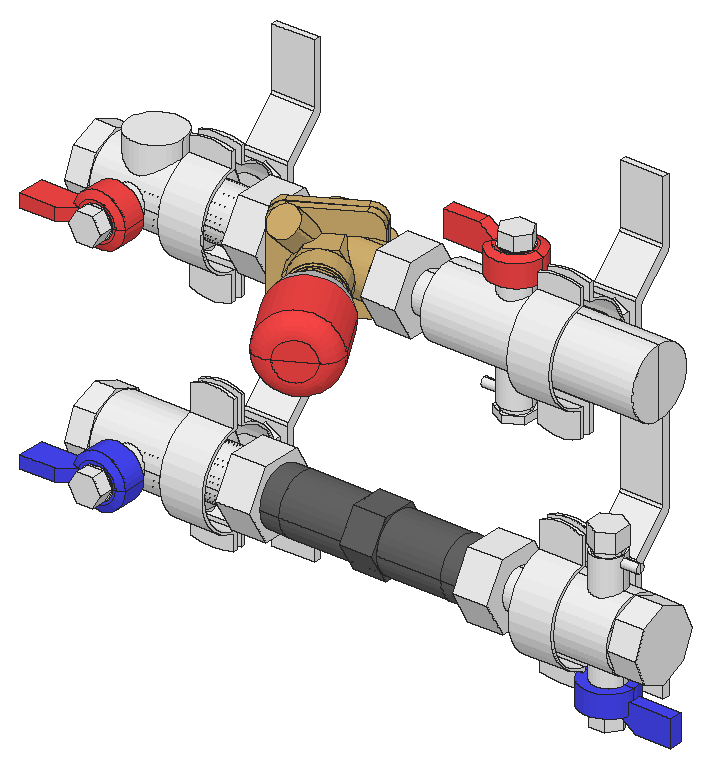
Revit family "AB-PM_DN15-20_Rack Set_RFA_1", category Pipe Accessories, Revit 2019 (continued)
Definition of nested family "Valve_R_T_Start"
  Definition of nested family "Valve_Handle_R_B_End"
    Forms (mm)
      Extrusion 5, solid, material <- "Material", visible <- "20_350", detail levels fine
        sketch origin (0, 0, 0) x (1, 0, 0) y (0, 0, 1)
          loop
            line (0, 4.5) -> (31.819, 4.5) -> (31.819, 17) -> (15.397, 17) -> (8.197, 12.2) -> (0, 12.2) -> (0, 4.5)
        from -3 to 3
      Extrusion 6, solid, material <- "Material", visible <- "15_350", detail levels fine
        sketch origin (0, 0, 0) x (1, 0, 0) y (0, 0, 1)
          loop
            line (-31.976, 4.5) -> (0, 4.5) -> (0, 12.2) -> (-8.385, 12.2) -> (-15.566, 16.987) -> (-31.976, 16.987) -> (-31.976, 4.5)
        from -3 to 3
    Dimensions and locks
      "l1": plane 3 "Center (Left/Right)" to Revolve 1 sketch curve
      "h1": Revolve 1 sketch curve to level
      "l1": plane 3 "Center (Left/Right)" to Revolve 2 sketch curve
      "h1": Revolve 2 sketch curve to level
      aligned and locked: level to plane 2
      aligned and locked: plane 3 "Center (Left/Right)" to Revolve 1 sketch curve
      aligned and locked: Revolve 1 sketch curve to plane 3 "Center (Left/Right)"
      aligned and locked: Revolve 1 sketch curve to level
    Automatic sketch dimensions
      level to Extrusion 6 sketch curve = 12.2 mm
      Extrusion 6 sketch curve to plane 3 "Center (Left/Right)" = 0 mm
      Extrusion 6 sketch curve to plane 3 "Center (Left/Right)" = 8.385 mm
      Extrusion 6 sketch curve to Extrusion 6 sketch curve = 7.181 mm
      level to Extrusion 6 sketch curve = 4.5 mm
      Extrusion 6 sketch curve to Extrusion 6 sketch curve = 16.41 mm
      Extrusion 6 sketch curve to Extrusion 6 sketch curve = 4.787 mm
      Extrusion 4 sketch curve to plane 3 "Center (Left/Right)" = 0 mm
      level to Extrusion 4 sketch curve = 4.5 mm
      Extrusion 4 sketch curve to Extrusion 4 sketch curve = 7.7 mm
      Extrusion 4 sketch curve to plane 3 "Center (Left/Right)" = 12.877 mm
      Extrusion 4 sketch curve to Extrusion 4 sketch curve = 19.099 mm
      Extrusion 4 sketch curve to Extrusion 4 sketch curve = 12.487 mm
      Extrusion 5 sketch curve to plane 3 "Center (Left/Right)" = 0 mm
      Extrusion 5 sketch curve to Extrusion 5 sketch curve = 7.7 mm
      plane 3 "Center (Left/Right)" to Extrusion 5 sketch curve = 8.197 mm
      Extrusion 5 sketch curve to Extrusion 5 sketch curve = 7.2 mm
      Extrusion 5 sketch curve to Extrusion 5 sketch curve = 16.422 mm
      level to Extrusion 5 sketch curve = 4.5 mm
      Extrusion 5 sketch curve to Extrusion 5 sketch curve = 12.5 mm
      plane 3 "Center (Left/Right)" to Extrusion 3 sketch curve = 12.3 mm
      Extrusion 3 sketch curve to Extrusion 3 sketch curve = 19.519 mm
      Extrusion 3 sketch curve to Extrusion 3 sketch curve = 12.5 mm
      level to Extrusion 3 sketch curve = 4.5 mm
      Extrusion 3 sketch curve to plane 3 "Center (Left/Right)" = 0 mm
      Extrusion 3 sketch curve to Extrusion 3 sketch curve = 7.7 mm
      Revolve 1 sketch curve to Revolve 1 sketch curve = 17.8 mm
      Revolve 1 sketch curve to Revolve 1 sketch curve = 4 mm
      Revolve 2 sketch curve to level = 0 mm
      Revolve 2 sketch curve to plane 3 "Center (Left/Right)" = 0 mm  (x2)
      Revolve 2 sketch curve to Revolve 2 sketch curve = 3.339 mm
      Revolve 2 sketch curve to Revolve 2 sketch curve = 1.838 mm
      Revolve 2 sketch curve to Revolve 2 sketch curve = 17.8 mm
      Revolve 2 sketch curve to Revolve 2 sketch curve = 4 mm
  Definition of nested family "Schematic_Valve"
    Parameters (values of type "Schematic_Valve")
      L1 [instance] = 10 mm
      L [instance] = 68 mm
      H [instance] = 40 mm
      D [instance] = 16 mm
    Reference planes
      plane 1 "Center (Front/Back)": y = 0
      plane 2: z = 0
      plane 3 "Center (Left/Right)": x = 0
      plane 4: x = -34
      plane 5: x = 34
      plane 6: y = 20
      plane 7: y = -20
      plane 8: z = 20
      plane 9: z = -20
    Lines and regions (mm)
      reference lines
        curve 1: line (-34, 20, 0) -> (34, -20, 0)
        curve 2: line (34, 20, 0) -> (-34, -20, 0)
        curve 4: line (-34, 0, 20) -> (34, 0, -20)
        curve 5: line (34, 0, 20) -> (-34, 0, -20)
      model lines, detail levels coarse+medium
        curve 3: line (-34, 0, 0) -> (-44, 0, 0)
        curve 6: circle (0, 0, 0) r 8 normal (0, -1, 0)
        curve 7: line (-6.895, 0, -4.056) -> (-34, 0, -20)
        curve 8: line (-34, 0, -20) -> (-34, 0, 20)
        curve 9: line (-34, 0, 20) -> (-6.895, 0, 4.056)
        curve 10: line (6.895, 0, -4.056) -> (34, 0, -20)
        curve 11: line (34, 0, -20) -> (34, 0, 20)
        curve 12: line (34, 0, 20) -> (6.895, 0, 4.056)
      symbolic lines, detail levels coarse+medium
        curve 13: circle (0, 0, 0) r 8 normal (0, 0, 1)
        curve 14: line (-34, -20, 0) -> (-34, 20, 0)
        curve 15: line (-34, 20, 0) -> (-6.895, 4.056, 0)
        curve 16: line (-34, -20, 0) -> (-6.895, -4.056, 0)
        curve 17: line (6.895, 4.056, 0) -> (34, 20, 0)
        curve 18: line (34, 20, 0) -> (34, -20, 0)
        curve 19: line (34, -20, 0) -> (6.895, -4.056, 0)
    Dimensions and locks
      equal spacing: plane 4, plane 3 "Center (Left/Right)", plane 5
      equal spacing: plane 6, plane 1 "Center (Front/Back)", plane 7
      "L": plane 4 to plane 5
      "H": plane 6 to plane 7
      "L1": curve 3 to plane 4
      equal spacing: plane 8, level, plane 9
      "H": plane 8 to plane 9
      "D": diameter of curve 13
      "D": diameter of curve 6
      aligned and locked: level to plane 2
      aligned and locked: plane 4 to curve 1
      aligned and locked: plane 6 to curve 1
      aligned and locked: plane 5 to curve 2
      aligned and locked: plane 6 to curve 2
      aligned and locked: plane 7 to curve 1
      aligned and locked: plane 5 to curve 1
      aligned and locked: plane 4 to curve 2
      aligned and locked: plane 7 to curve 2
      aligned and locked: curve 3 to plane 1 "Center (Front/Back)"
      aligned and locked: plane 8 to curve 4
      aligned and locked: plane 4 to curve 4
      aligned and locked: plane 5 to curve 4
      aligned and locked: plane 9 to curve 4
      aligned and locked: plane 4 to curve 5
      aligned and locked: plane 9 to curve 5
      aligned and locked: plane 5 to curve 5
      aligned and locked: plane 8 to curve 5
      aligned and locked: curve 17 to curve 2
      aligned and locked: curve 19 to curve 1
      aligned and locked: curve 16 to curve 2
      aligned and locked: curve 15 to curve 1
      aligned and locked: curve 9 to curve 4
      aligned and locked: curve 5 to curve 7
      aligned and locked: curve 4 to curve 10
      aligned and locked: curve 12 to curve 5
    Automatic sketch dimensions
      curve 8 to plane 4 = 0 mm
      curve 6 to level = 0 mm
      curve 6 to plane 3 "Center (Left/Right)" = 0 mm
      curve 11 to plane 5 = 0 mm
      curve 3 to plane 4 = 0 mm
      plane 1 "Center (Front/Back)" to curve 13 = 0 mm
      curve 13 to plane 3 "Center (Left/Right)" = 0 mm
      curve 18 to plane 5 = 0 mm
Definition of nested family "Valve_R_B_Start"
  Parameters (values of type "DN_20")
    x = 1.5 mm
    r7 = 9.8 mm
    r6 = 18.5 mm
    r5 = 16.5 mm
    r4 = 12 mm
    r3 = 9 mm
    r2 = 18.5 mm
    r1 = 7.5 mm
    l6 = 5 mm
    l5 = 15 mm
    l4 = 12.2 mm
    l3 = 22.981 mm
    l2 = 16.9 mm
    l1 = 26.1 mm
    Valve_Handle_Type = Valve_Handle_R_B_End : 15
    Tube = yes
    Nar5 = 14.5 mm
    Nah6 = 5 mm
    Nah52 = 16 mm
    Nah4 = 3.5 mm
    Nah3 = 6.8 mm
    Nah2 = 10 mm
    Nah51 = 2.5 mm
    Na6 = 28 mm
    Na5 = 32 mm
    Na4 = 15 mm
    Na3 = 13 mm
    Na2 = 33 mm
    LOD 350 [instance] = not(LOD 200)  # yes
    LOD 200 [instance] = no
    L11 = 29 mm
    L1 = 60 mm
    H1 = 26.4 mm
    Default Elevation = 1219.2 mm
    D1 = 15 mm  # constant formula
    Ball valve handle [instance] = none
    Ball valve [instance] = none
  Types (2, lengths in mm): name | L11
    DN_15 | 27.6
    DN_20 | 29
  Reference planes
    plane 1 "Center (Front/Back)": y = 0
    plane 2: z = 0
    plane 3 "Center (Left/Right)": x = 0
    plane 4 "001": x = 18.5
    plane 5 "004": x = -43
    plane 6 "002": y = -23.982
    plane 7 "valve handle": y = 22.981
    plane 8 "003": y = 35.181
    plane 9 "005": x = -26.1
    plane 10: z = 24
  Forms (mm)
    Revolve 1, solid, material <- "Ball valve", detail levels fine
      sketch origin (0, 0, 0) x (1, 0, 0) y (0, 1, 0)
        loop
          line (-43, 12) -> (-43, 0) -> (18.5, 0) -> (18.5, 16.5) -> (-26.1, 16.5) -> (-26.1, 12) -> (-43, 12)
        axis (-43, 0) -> (18.5, 0)
      angle from 0 to 360
    Revolve 2, solid, material <- "Ball valve", detail levels fine
      sketch origin (0, 0, 0) x (1, 0, 0) y (0, 1, 0)
        loop
          line (0, 0) -> (7.5, 0) -> (7.5, 35.181) -> (0, 35.181) -> (0, 0)
        axis (0, 35.181) -> (0, 0)
      angle from 0 to 360
    Revolve 3, solid, material <- "Ball valve", visible <- "LOD 350", detail levels fine
      sketch origin (0, 0, 0) x (1, 0, 0) y (0, 1, 0)
        loop
          line (18.5, 16.5) -> (-26.1, 16.5) -> (-27.9, 12) -> (-43, 12) -> (-43, 0) -> (18.5, 0) -> (18.5, 16.5)
        axis (18.5, 0) -> (-43, 0)
      angle from 0 to 360
  Cuts and joins
    joined: Revolve 1, Revolve 2
  Dimensions and locks
    "l3": plane 1 "Center (Front/Back)" to plane 7 "valve handle"
    "l4": plane 7 "valve handle" to plane 8 "003"
    "r5": plane 1 "Center (Front/Back)" to Revolve 1 sketch curve
    "r4": plane 1 "Center (Front/Back)" to Revolve 1 sketch curve
    "r2": plane 3 "Center (Left/Right)" to plane 4 "001"
    "l1": plane 9 "005" to plane 3 "Center (Left/Right)"
    "r5": plane 1 "Center (Front/Back)" to Revolve 3 sketch curve
    "r4": Revolve 3 sketch curve to plane 1 "Center (Front/Back)"
    "l2": plane 5 "004" to plane 9 "005"
    "r1": plane 3 "Center (Left/Right)" to Revolve 2 sketch curve
    "x": nested 4 to plane 3 "Center (Left/Right)"
    locked: Revolve 3 sketch curve to plane 9 "005" at 1.8
    plane 6 "002" to plane 1 "Center (Front/Back)" = 23.982 mm
    locked: plane 10 to plane 2 at 24
    aligned and locked: level to plane 2
    aligned and locked: level to nested 1
    aligned and locked: nested 1 to plane 1 "Center (Front/Back)"
    aligned and locked: plane 3 "Center (Left/Right)" to nested 2
    aligned and locked: level to nested 2
    aligned and locked: Revolve 2 sketch curve to plane 3 "Center (Left/Right)"  (x2)
    aligned and locked: Revolve 2 sketch curve to plane 8 "003"
    aligned and locked: Revolve 3 sketch curve to plane 1 "Center (Front/Back)"
    aligned and locked: plane 1 "Center (Front/Back)" to Revolve 3 sketch curve
    aligned and locked: Revolve 3 sketch curve to plane 4 "001"
    aligned and locked: plane 5 "004" to Revolve 3 sketch curve
    aligned and locked: plane 1 "Center (Front/Back)" to nested 4
    aligned and locked: nested 3 to plane 5 "004"
    aligned and locked: plane 9 "005" to Revolve 3 sketch curve
    aligned and locked: plane 3 "Center (Left/Right)" to nested 5
    aligned and locked: nested 5 to plane 7 "valve handle"
    aligned and locked: nested 6 to plane 1 "Center (Front/Back)"
    aligned and locked: plane 1 "Center (Front/Back)" to Revolve 2 sketch curve
    aligned and locked: nested 6 to plane 2
    aligned and locked: nested 3 to plane 1 "Center (Front/Back)"
  Automatic sketch dimensions
    Revolve 1 sketch curve to plane 5 "004" = 0 mm
    Revolve 1 sketch curve to plane 9 "005" = 0 mm
    Revolve 1 sketch curve to plane 4 "001" = 0 mm
    plane 1 "Center (Front/Back)" to Revolve 1 sketch curve = 0 mm  (x2)
    Revolve 1 sketch curve to Revolve 1 sketch curve = 49.8 mm
    Revolve 1 sketch curve to Revolve 1 sketch curve = 7 mm
    Revolve 2 sketch curve to Revolve 2 sketch curve = 33 mm
    Revolve 2 sketch curve to Revolve 2 sketch curve = 6 mm
    Revolve 3 sketch curve to plane 4 "001" = 63.8 mm
    Revolve 3 sketch curve to Revolve 3 sketch curve = 6 mm
  Nested families
    nested 1: "Nut_8" at (18.5, 0, 0) x (0, 0, 1) z (1, 0, 0), h <- "Nah2", a <- "Na2", Material <- "Ball valve", type "Nut_8", detail levels fine
      with h 10 mm, a 33 mm, Material none
    nested 2: "Nut_6" at (0, 35.181, 0) x (1, 0, 0) z (0, 1, 0), h <- "Nah3", a <- "Na3", Material <- "Ball valve", type "Nut_6", detail levels fine
      with h 6.8 mm, a 13 mm, Material none
    nested 3: "Nut_6" at (-43, 0, 0) x (0, 1, 0) z (-1, 0, 0), h <- "Nah52", a <- "Na5", Material <- "Ball valve", type "Nut_6", detail levels fine
      with h 16 mm, a 32 mm, Material none
    nested 4: "Schematic_Valve" at (-1.5, 0, 0), D <- "D1", H <- "H1", L <- "L1", L1 <- "L11", type "Schematic_Valve"
      with L1 29 mm, L 60 mm, H 26.4 mm, D 15 mm
    nested 5: "Valve_Handle_R_B_End" at (0, 22.981, 0) x (-1, 0, 0) z (0, 1, 0), Material <- "Ball valve handle", type <- "Valve_Handle_Type", LOD 200 <- "LOD 200", type "15"
      with Material none, LOD 350 yes, LOD 200 no, 25_350 no, 25_200 no, 20_350 no, 20_200 no, 15_350 yes, 15_200 no
    nested 6: "Nut_8" at (-26.1, 0, 0) x (0, 1, 0) z (1, 0, 0), a <- "Na2", h <- "Nah2", Material <- "Ball valve", type "Nut_8", detail levels fine
      with h 10 mm, a 33 mm, Material none
  Definition of nested family "Nut_8"
    Parameters (values of type "Nut_8")
      h [instance] = 250 mm
      a [instance] = 244 mm
      Material [instance] = none
      Default Elevation = 1219.2 mm
    Reference planes
      plane 1 "Center (Front/Back)": y = 0
      plane 2: z = 0
      plane 3 "Center (Left/Right)": x = 0
      plane 4: through (-89.449, 215.949, 1200) normal (0.9239, 0.3827, 0)
      plane 5: through (215.949, 89.449, 1200) normal (0.3827, -0.9239, 0)
      plane 6: through (-215.949, 89.449, 1200) normal (0.3827, 0.9239, 0)
      plane 7: through (89.449, 215.949, 1200) normal (0.9239, -0.3827, 0)
    Forms (mm)
      Extrusion 1, solid, material <- "Material"
        sketch origin (0, 0, 0) x (1, 0, 0) y (0, 1, 0)
          loop
            line (0, 132.052) -> (-93.375, 93.375) -> (-132.052, 0) -> (-93.375, -93.375) -> (0, -132.052) -> (93.375, -93.375) -> (132.052, 0) -> (93.375, 93.375) -> (0, 132.052)
        from 0 to 250 <- "h"
    Dimensions and locks
      equal spacing: Extrusion 1 sketch curve, plane 4, Extrusion 1 sketch curve
      "a": Extrusion 1 sketch curve to Extrusion 1 sketch curve  (x4)
      equal spacing: Extrusion 1 sketch curve, plane 7, Extrusion 1 sketch curve
      equal spacing: Extrusion 1 sketch curve, plane 5, Extrusion 1 sketch curve
      equal spacing: Extrusion 1 sketch curve, plane 6, Extrusion 1 sketch curve
      aligned and locked: level to plane 2
  Definition of nested family "Nut_6"
    Parameters (values of type "Nut_6")
      h [instance] = 250 mm
      a [instance] = 13 mm
      Material [instance] = none
      Default Elevation = 1219.2 mm
    Reference planes
      plane 1 "Center (Front/Back)": y = 0
      plane 2: z = 0
      plane 3 "Center (Left/Right)": x = 0
      plane 4: through (-70.437, 122, 1200) normal (0.866, 0.5, 0)
      plane 5: through (70.437, 122, 1200) normal (0.866, -0.5, 0)
    Forms (mm)
      Extrusion 1, solid, material <- "Material"
        sketch origin (0, 0, 0) x (1, 0, 0) y (0, 1, 0)
          loop
            line (-3.753, 6.5) -> (-7.506, 0) -> (-3.753, -6.5) -> (3.753, -6.5) -> (7.506, 0) -> (3.753, 6.5) -> (-3.753, 6.5)
        from 0 to 250 <- "h"
    Dimensions and locks
      equal spacing: Extrusion 1 sketch curve, plane 4, Extrusion 1 sketch curve
      "a": Extrusion 1 sketch curve to Extrusion 1 sketch curve  (x3)
      equal spacing: Extrusion 1 sketch curve, plane 5, Extrusion 1 sketch curve
      equal spacing: Extrusion 1 sketch curve, plane 1 "Center (Front/Back)", Extrusion 1 sketch curve
      aligned and locked: level to plane 2
  Definition of nested family "Valve_Handle_R_B_End"
    Parameters (values of type "20")
      type = 20
      l1 = 12.3 mm
      h1 = 12.2 mm
      Material [instance] = none
      LOD 350 [instance] = not(LOD 200)  # yes
      LOD 200 [instance] = no
      Default Elevation = 1219.2 mm
      25_350 [instance] = and(LOD 350, type = 25)  # no
      25_200 [instance] = and(LOD 200, type = 25)  # no
      20_350 [instance] = and(LOD 350, type = 20)  # yes
      20_200 [instance] = and(LOD 200, type = 20)  # no
      15_350 [instance] = and(LOD 350, type = 15)  # no
      15_200 [instance] = and(LOD 200, type = 15)  # no
    Types (2, lengths in mm): name | type | 20_350 | 15_350
      15 | 15 | no | yes
      20 | 20 | yes | no
    Reference planes
      plane 1 "Center (Front/Back)": y = 0
      plane 2: z = 0
      plane 3 "Center (Left/Right)": x = 0
    Forms (mm)
      Revolve 1, solid, material <- "Material", visible <- "LOD 200", detail levels fine
        sketch origin (0, 0, 0) x (1, 0, 0) y (0, 0, 1)
          loop
            line (0, 12.2) -> (-12.3, 12.2) -> (-12.3, 0) -> (0, 0) -> (0, 12.2)
          axis (0, 0) -> (0, 12.2)
        angle from 0 to 360
      Revolve 2, solid, material <- "Material", visible <- "LOD 350", detail levels fine
        sketch origin (0, 0, 0) x (1, 0, 0) y (0, 0, 1)
          loop
            line (0, 12.2) -> (-8.961, 12.2) -> (-12.3, 10.362) -> (-12.3, 0) -> (0, 0) -> (0, 12.2)
          axis (0, 0) -> (0, 12.2)
        angle from 0 to 360
      Extrusion 3, solid, material <- "Material", visible <- "20_200", detail levels fine
        sketch origin (0, 0, 0) x (1, 0, 0) y (0, 0, 1)
          loop
            line (0, 4.5) -> (31.819, 4.5) -> (31.819, 17) -> (12.3, 12.2) -> (0, 12.2) -> (0, 4.5)
        from -3 to 3
      Extrusion 4, solid, material <- "Material", visible <- "15_200", detail levels fine
        sketch origin (0, 0, 0) x (1, 0, 0) y (0, 0, 1)
          loop
            line (-31.976, 4.5) -> (0, 4.5) -> (0, 12.2) -> (-12.877, 12.2) -> (-31.976, 16.987) -> (-31.976, 4.5)
        from -3 to 3
      Extrusion 5, solid, material <- "Material", visible <- "20_350", detail levels fine
        sketch origin (0, 0, 0) x (1, 0, 0) y (0, 0, 1)
          loop
            line (0, 4.5) -> (31.819, 4.5) -> (31.819, 17) -> (15.397, 17) -> (8.197, 12.2) -> (0, 12.2) -> (0, 4.5)
        from -3 to 3
      Extrusion 6, solid, material <- "Material", visible <- "15_350", detail levels fine
        sketch origin (0, 0, 0) x (1, 0, 0) y (0, 0, 1)
          loop
            line (-31.976, 4.5) -> (0, 4.5) -> (0, 12.2) -> (-8.385, 12.2) -> (-15.566, 16.987) -> (-31.976, 16.987) -> (-31.976, 4.5)
        from -3 to 3
    Dimensions and locks
      "l1": plane 3 "Center (Left/Right)" to Revolve 1 sketch curve
      "h1": Revolve 1 sketch curve to level
      "l1": plane 3 "Center (Left/Right)" to Revolve 2 sketch curve
      "h1": Revolve 2 sketch curve to level
      aligned and locked: level to plane 2
      aligned and locked: plane 3 "Center (Left/Right)" to Revolve 1 sketch curve
      aligned and locked: Revolve 1 sketch curve to plane 3 "Center (Left/Right)"
      aligned and locked: Revolve 1 sketch curve to level
    Automatic sketch dimensions
      level to Extrusion 6 sketch curve = 12.2 mm
      Extrusion 6 sketch curve to plane 3 "Center (Left/Right)" = 0 mm
      Extrusion 6 sketch curve to plane 3 "Center (Left/Right)" = 8.385 mm
      Extrusion 6 sketch curve to Extrusion 6 sketch curve = 7.181 mm
      level to Extrusion 6 sketch curve = 4.5 mm
      Extrusion 6 sketch curve to Extrusion 6 sketch curve = 16.41 mm
      Extrusion 6 sketch curve to Extrusion 6 sketch curve = 4.787 mm
      Extrusion 4 sketch curve to plane 3 "Center (Left/Right)" = 0 mm
      level to Extrusion 4 sketch curve = 4.5 mm
      Extrusion 4 sketch curve to Extrusion 4 sketch curve = 7.7 mm
      Extrusion 4 sketch curve to plane 3 "Center (Left/Right)" = 12.877 mm
      Extrusion 4 sketch curve to Extrusion 4 sketch curve = 19.099 mm
      Extrusion 4 sketch curve to Extrusion 4 sketch curve = 12.487 mm
      Extrusion 5 sketch curve to plane 3 "Center (Left/Right)" = 0 mm
      Extrusion 5 sketch curve to Extrusion 5 sketch curve = 7.7 mm
      plane 3 "Center (Left/Right)" to Extrusion 5 sketch curve = 8.197 mm
      Extrusion 5 sketch curve to Extrusion 5 sketch curve = 7.2 mm
      Extrusion 5 sketch curve to Extrusion 5 sketch curve = 16.422 mm
      level to Extrusion 5 sketch curve = 4.5 mm
      Extrusion 5 sketch curve to Extrusion 5 sketch curve = 12.5 mm
      plane 3 "Center (Left/Right)" to Extrusion 3 sketch curve = 12.3 mm
      Extrusion 3 sketch curve to Extrusion 3 sketch curve = 19.519 mm
      Extrusion 3 sketch curve to Extrusion 3 sketch curve = 12.5 mm
      level to Extrusion 3 sketch curve = 4.5 mm
      Extrusion 3 sketch curve to plane 3 "Center (Left/Right)" = 0 mm
      Extrusion 3 sketch curve to Extrusion 3 sketch curve = 7.7 mm
      Revolve 1 sketch curve to Revolve 1 sketch curve = 17.8 mm
      Revolve 1 sketch curve to Revolve 1 sketch curve = 4 mm
      Revolve 2 sketch curve to level = 0 mm
      Revolve 2 sketch curve to plane 3 "Center (Left/Right)" = 0 mm  (x2)
      Revolve 2 sketch curve to Revolve 2 sketch curve = 3.339 mm
      Revolve 2 sketch curve to Revolve 2 sketch curve = 1.838 mm
      Revolve 2 sketch curve to Revolve 2 sketch curve = 17.8 mm
      Revolve 2 sketch curve to Revolve 2 sketch curve = 4 mm
  Definition of nested family "Schematic_Valve"
    Parameters (values of type "Schematic_Valve")
      L1 [instance] = 10 mm
      L [instance] = 68 mm
      H [instance] = 40 mm
      D [instance] = 16 mm
    Reference planes
      plane 1 "Center (Front/Back)": y = 0
      plane 2: z = 0
      plane 3 "Center (Left/Right)": x = 0
      plane 4: x = -34
      plane 5: x = 34
      plane 6: y = 20
      plane 7: y = -20
      plane 8: z = 20
      plane 9: z = -20
    Lines and regions (mm)
      reference lines
        curve 1: line (-34, 20, 0) -> (34, -20, 0)
        curve 2: line (34, 20, 0) -> (-34, -20, 0)
        curve 3: line (-34, 0, 20) -> (34, 0, -20)
        curve 4: line (34, 0, 20) -> (-34, 0, -20)
      model lines, detail levels coarse+medium
        curve 5: circle (0, 0, 0) r 8 normal (0, -1, 0)
        curve 6: line (-6.895, 0, -4.056) -> (-34, 0, -20)
        curve 7: line (-34, 0, -20) -> (-34, 0, 20)
        curve 8: line (-34, 0, 20) -> (-6.895, 0, 4.056)
        curve 9: line (6.895, 0, -4.056) -> (34, 0, -20)
        curve 10: line (34, 0, -20) -> (34, 0, 20)
        curve 11: line (34, 0, 20) -> (6.895, 0, 4.056)
      symbolic lines, detail levels coarse+medium
        curve 12: circle (0, 0, 0) r 8 normal (0, 0, 1)
        curve 13: line (-34, -20, 0) -> (-34, 20, 0)
        curve 14: line (-34, 20, 0) -> (-6.895, 4.056, 0)
        curve 15: line (-34, -20, 0) -> (-6.895, -4.056, 0)
        curve 16: line (6.895, 4.056, 0) -> (34, 20, 0)
        curve 17: line (34, 20, 0) -> (34, -20, 0)
        curve 18: line (34, -20, 0) -> (6.895, -4.056, 0)
    Dimensions and locks
      equal spacing: plane 4, plane 3 "Center (Left/Right)", plane 5
      equal spacing: plane 6, plane 1 "Center (Front/Back)", plane 7
      "L": plane 4 to plane 5
      "H": plane 6 to plane 7
      equal spacing: plane 8, level, plane 9
      "H": plane 8 to plane 9
      "D": diameter of curve 12
      "D": diameter of curve 5
      aligned and locked: level to plane 2
      aligned and locked: plane 4 to curve 1
      aligned and locked: plane 6 to curve 1
      aligned and locked: plane 5 to curve 2
      aligned and locked: plane 6 to curve 2
      aligned and locked: plane 7 to curve 1
      aligned and locked: plane 5 to curve 1
      aligned and locked: plane 4 to curve 2
      aligned and locked: plane 7 to curve 2
      aligned and locked: plane 8 to curve 3
      aligned and locked: plane 4 to curve 3
      aligned and locked: plane 5 to curve 3
      aligned and locked: plane 9 to curve 3
      aligned and locked: plane 4 to curve 4
      aligned and locked: plane 9 to curve 4
      aligned and locked: plane 5 to curve 4
      aligned and locked: plane 8 to curve 4
      aligned and locked: curve 16 to curve 2
      aligned and locked: curve 18 to curve 1
      aligned and locked: curve 15 to curve 2
      aligned and locked: curve 14 to curve 1
      aligned and locked: curve 8 to curve 3
      aligned and locked: curve 4 to curve 6
      aligned and locked: curve 3 to curve 9
      aligned and locked: curve 11 to curve 4
    Automatic sketch dimensions
      curve 7 to plane 4 = 0 mm
      curve 5 to level = 0 mm
      curve 5 to plane 3 "Center (Left/Right)" = 0 mm
      curve 10 to plane 5 = 0 mm
      curve 13 to plane 4 = 0 mm
      plane 1 "Center (Front/Back)" to curve 12 = 0 mm
      curve 12 to plane 3 "Center (Left/Right)" = 0 mm
      curve 17 to plane 5 = 0 mm
Types (5, lengths in mm): name | temp | l2 | l1 | h6 | h5 | h4 | h3 | h2 | h14 | h13 | h12 | h11 | h1 | Weight | T_S | T_E | Nominal Flow (Text) | Nominal Flow | Model Type | Model | Min Differential Pressure | Max Pressure at Zero Load | L | B_S | B_E | AB-PM
  (no name) | no | 164 | 57 | 26 | 153.529 | 87.534 | 66.95 | 82.43 | 24.3 | 30 | 34 | 28.521 | 115.57 | 2.99 kg | Valve_R_T_Start : DN_15 | Valve_R_T_End : DN_15 | "300 l/h" | 0.3 m³/h | "AB-PM_DN15_Rack Set" | "003Z1490" | "18 kPa" | "20 kPa" | 267.063 | Valve_R_B_Start : DN_15 | Valve_R_B_End : DN_15 | AB-PM_DN10-DN32_External_RFA : AB-PM_DN15_External_003Z1402
  AB-PM_DN15_Rack Set_003Z1490 | no | 164 | 57 | 26 | 153.529 | 87.534 | 66.95 | 82.43 | 24.3 | 30 | 34 | 28.521 | 115.57 | 2.99 kg | Valve_R_T_Start : DN_15 | Valve_R_T_End : DN_15 | "300 l/h" | 0.3 m³/h | "AB-PM_DN15_Rack Set" | "003Z1490" | "18 kPa" | "20 kPa" | 267.063 | Valve_R_B_Start : DN_15 | Valve_R_B_End : DN_15 | AB-PM_DN10-DN32_External_RFA : AB-PM_DN15_External_003Z1402
  AB-PM_DN20_Rack Set_003Z1491 | yes | 212 | 55 | 46 | 153.363 | 87.5 | 67 | 92.8 | 30.75 | 47.5 | 29 | 26.521 | 124.8 | 2.64 kg | Valve_R_T_Start : DN_20 | Valve_R_T_End : DN_20 | "600 l/h" | 0.6 m³/h | "AB-PM_DN20_Rack Set" | "003Z1491" | "18 kPa" | "20 kPa" | 286.863 | Valve_R_B_Start : DN_20 | Valve_R_B_End : DN_20 | AB-PM_DN10-DN32_External_RFA : AB-PM_DN20_External_003Z1403
  AB-PM_DN15HP_Rack Set_003Z1492 | no | 164 | 57 | 26 | 153.529 | 87.534 | 66.95 | 82.43 | 24.337 | 30 | 34 | 28.521 | 115.57 | 2.99 kg | Valve_R_T_Start : DN_15 | Valve_R_T_End : DN_15 | "300 l/h" | 0.3 m³/h | "AB-PM_DN15HP_Rack Set" | "003Z1492" | "28 kPa" | "35 kPa" | 267.063 | Valve_R_B_Start : DN_15 | Valve_R_B_End : DN_15 | AB-PM_DN10-DN32_External_RFA : AB-PM_DN15_External_003Z1402
  AB-PM_DN20HP_Rack Set_003Z1493 | yes | 212 | 55 | 46 | 153.363 | 87.5 | 67 | 92.8 | 30.75 | 47.5 | 29 | 26.521 | 124.8 | 2.64 kg | Valve_R_T_Start : DN_20 | Valve_R_T_End : DN_20 | "600 l/h" | 0.6 m³/h | "AB-PM_DN20HP_Rack Set" | "003Z1493" | "28 kPa" | "35 kPa" | 286.863 | Valve_R_B_Start : DN_20 | Valve_R_B_End : DN_20 | AB-PM_DN10-DN32_External_RFA : AB-PM_DN20_External_003Z1403
